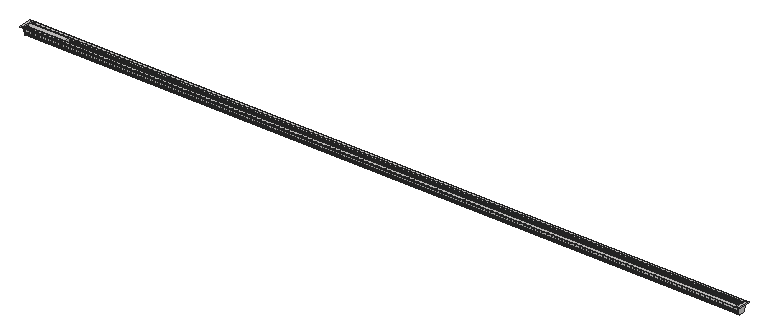
Revit family "Lighting - Luminii - Stenos - Recessed Track Master Assembly", category Lighting Fixtures, host Face, Revit 2020
Family settings
  Host = Face
  Round Connector Dimension = Use Diameter
  Part Type = Normal
  OmniClass Number = 23.80.70.11.14.21
  OmniClass Title = Spots and Tracklight Specialties
  Cut with Voids When Loaded = No
  Light Source = No
  Shared = Yes
  Room Calculation Point = No
Parameters (values of type "Stenos Recessed - 96"")
  Width = 121/128"  # constant formula
  Wattage Comments = "96 W Max per Track"  # constant formula
  Warranty URL = "https://www.luminii.com/terms-conditions/"
  Voltage Comments = "24 VDC"  # constant formula
  Voltage = 24 V  # constant formula
  Version = "2020 - v1.0a"  # constant formula
  URL = "https://www.luminii.com/"
  Support Phone = "224-699-9545"  # constant formula
  Support Email = "mailto:support@bimsmith.com"
  Right Corner Down [instance] = no
  Right Power Module = no
  Right Corner Up [instance] = no
  Right Cap [instance] = yes
  Product Page URL = "https://www.luminii.com/product/stenos-trimmed-recessed-track/"
  Product Name = "Stenos Recessed"  # constant formula
  Product Documentation Link = "https://www.luminii.com/wp-content/uploads/z_special_catalog_products/products/stenos-trimmed-recessed-track/specsheets/Stenos-Surface-Recessed-Trim-Track-specification.pdf"
  Power Source Type = "Driver"  # constant formula
  Power Factor = 1
  Phase = 1
  Number of Poles = if(and(or(Voltage = 120 V, Voltage = 277 V), Phase = 1), 1, if(and(or(Voltage = 208 V, Voltage = 240 V), Phase = 1), 2, if(and(or(Voltage = 208 V, Voltage = 240 V), Phase = 3), 3, if(and(Voltage > 300 V, Phase = 1), 2, if(and(Voltage > 400 V, Phase = 3), 3, 1)))))  # 1
  Model = "STR-96"
  Manufacturer Phone Number = "224-333-6033"  # constant formula
  Manufacturer Email = "mailto:info@luminii.com"
  Manufacturer Address = "7777 N Merrimac Ave, Niles, IL 60714"  # constant formula
  Manufacturer = "Luminii"  # constant formula
  Load Classification = Lighting
  Length = if(Constraints = 1, 48", if(Constraints = 2, 96", 144"))  # 96"
  Left Power Module [instance] = yes
  Left Corner Up [instance] = no
  Left Corner Down [instance] = no
  Left Cap [instance] = yes
  Lamp = "LED"  # constant formula
  Keynote = "26 50 00"
  Instruction Sheet Link = "https://www.luminii.com/wp-content/uploads/z_special_catalog_products/products/stenos-trimmed-recessed-track/install-guides/Stenos-Track-Recessed-instructions.pdf"
  Frequency Comments = ""  # constant formula
  Frequency = 60 Hz
  Finish = Metal - Luminii - Silver Anodized Aluminum
  Environment = "Indoor"  # constant formula
  Description = "Trim Track System"  # constant formula
  Depth = 1 5/64"  # constant formula
  Default Elevation = 0"  # constant formula
  Current Amps = 50 A
  Copyright = "©2023 Luminii"  # constant formula
  Constraints = 2
  built-in parameter 1114216 [instance] = 0  # (empty or 0)
  built-in parameter 1140040 [instance] = 1 = 1  # 1
  C Rigth Corner Up [instance] = if(Right Corner Up, 4 19/128", 2")  # 2"
  C Right Corner Down [instance] = if(Right Corner Down, 4 19/128", 2")  # 2"
  C Length Mid = Length / 2  # 48"
  C Left Corner Up [instance] = if(Left Corner Up, 4 19/128", 2")  # 2"
  C Left Corner Down [instance] = if(Left Corner Down, 4 19/128", 2")  # 2"
  C End Cap Right [instance] = if(Right Cap, 1" / 8, 0")  # 1/8"
  C End Cap Left [instance] = if(Left Cap, 1" / 8, 0")  # 1/8"
  Assembly Comments [instance] = "Only select either a cap or a corner, please dont select both options at the same time. Power module only when corner is not selected"  # constant formula
  Assembly Code = "D5020230"
  Apparent Load = 4 VA  # constant formula
Types (3): name | Model | Length | Constraints | C Length Mid
  Stenos Recessed - 48" | "STR-48" | 48" | 1 | 24"
  Stenos Recessed - 96" | "STR-96" | 96" | 2 | 48"
  Stenos Recessed - 144" | "STR-144" | 144" | 3 | 72"
Reference planes (in)
  plane 1 "Center (Front/Back)": y = 0
  plane 2: z = 0
  plane 3 "Center (Left/Right)": x = 0
  plane 4: x = -48
  plane 5: x = 48
  plane 6: y = 0.47266
  plane 7: y = -0.47266
  plane 8 "A": z = 0.115
  plane 9: x = -48.125
  plane 10: x = 48.125
  plane 11: z = 3.115
Forms (in)
  Extrusion 1, solid, material "Metal - Luminii - Silver Anodized Aluminum", not visible
    sketch origin (0, 0, 0) x (1, 0, 0) y (0, 1, 0)
      loop
        circle (0, 0) r 0.5
    from 0 to -0.17225
  Sweep 2, void
    path origin (0, 0, 0) x (1, 0, 0) y (0, 1, 0)
      loop
        line (48, 0) -> (-48, 0)
    profile origin (0, 0, 0) x (0, -1, 0) y (0, 0, 1)
      loop
        line (-0.4725, 0) -> (-0.4725, -1.032) -> (0.47266, -1.032) -> (0.47266, 0) -> (-0.4725, 0)
  Extrusion 3, void
    sketch origin (0, 0, 0) x (1, 0, 0) y (0, 1, 0)
      loop
        line (-48.5275, 0.47266) -> (-48.5275, 1) -> (-49.4725, 1) -> (-49.4725, -0.47266) -> (-48, -0.47266) -> (-48, 0.47266) -> (-48.5275, 0.47266)
    from 3.115 to 1.115
  Extrusion 4, void
    sketch origin (0, 0, 0) x (1, 0, 0) y (0, 1, 0)
      loop
        line (-48.5275, -0.47266) -> (-48, -0.47266) -> (-48, 0.47266) -> (-49.4725, 0.47266) -> (-49.4725, -1) -> (-48.5275, -1) -> (-48.5275, -0.47266)
    from 3.115 to 1.115
  Extrusion 5, void
    sketch origin (0, 0, 0) x (-1, 0, 0) y (0, -1, 0)
      loop
        line (-48.5275, -0.47266) -> (-48, -0.47266) -> (-48, 0.47266) -> (-49.4725, 0.47266) -> (-49.4725, -1) -> (-48.5275, -1) -> (-48.5275, -0.47266)
    from 3.115 to 1.115
  Extrusion 6, void
    sketch origin (0, 0, 0) x (-1, 0, 0) y (0, -1, 0)
      loop
        line (-48.5275, 0.47266) -> (-48.5275, 1) -> (-49.4725, 1) -> (-49.4725, -0.47266) -> (-48, -0.47266) -> (-48, 0.47266) -> (-48.5275, 0.47266)
    from 3.115 to 1.115
Dimensions and locks (in)
  equal spacing: plane 4, plane 3 "Center (Left/Right)", plane 5
  equal spacing: plane 6, plane 1 "Center (Front/Back)", plane 7
  "Width": plane 6 to plane 7
  "C End Cap Right": plane 5 to plane 10
  "C End Cap Left": plane 9 to plane 4
  "C Left Corner Down": plane 11 to Extrusion 4
  "C Left Corner Up": plane 11 to Extrusion 3
  "C Right Corner Down": plane 11 to Extrusion 6
  "C Rigth Corner Up": plane 11 to Extrusion 5
  Extrusion 3 sketch curve to Extrusion 3 sketch curve to plane 4 = 0.945" locked, 0.5275" locked
  Extrusion 4 sketch curve to Extrusion 4 sketch curve to plane 4 = 0.945" locked, 0.5275" locked
  locked: level to Sweep 2 sketch curve at 1.032
  "C Length Mid": plane 4 to plane 3 "Center (Left/Right)"
  "C Length Mid": plane 3 "Center (Left/Right)" to plane 5
  nested 1 to Extrusion 5 sketch curve to Extrusion 5 sketch curve = 0.5275" locked, 0.945" locked
  nested 1 to Extrusion 6 sketch curve to Extrusion 6 sketch curve = 0.5275" locked, 0.945" locked
  aligned and locked: host face to plane 2
  aligned and locked: plane 3 "Center (Left/Right)" to Extrusion 1 sketch curve
  aligned and locked: plane 1 "Center (Front/Back)" to Extrusion 1 sketch curve
  aligned and locked: plane 2 to Extrusion 1  (x2)
  aligned and locked: nested 1 to plane 4
  aligned and locked: plane 1 "Center (Front/Back)" to nested 1
  aligned and locked: plane 4 to nested 2
  aligned and locked: plane 1 "Center (Front/Back)" to nested 2
  aligned and locked: plane 5 to nested 3
  aligned and locked: plane 1 "Center (Front/Back)" to nested 3
  aligned and locked: nested 6 to plane 1 "Center (Front/Back)"
  aligned and locked: nested 7 to nested 6
  aligned and locked: plane 4 to nested 7
  aligned and locked: nested 6 to plane 4
  aligned and locked: nested 5 to plane 1 "Center (Front/Back)"
  aligned and locked: plane 1 "Center (Front/Back)" to nested 4
  aligned and locked: plane 11 to Extrusion 4
  aligned and locked: plane 11 to Extrusion 3
  aligned and locked: Extrusion 6 to plane 11
  aligned and locked: Extrusion 5 to plane 11
  aligned and locked: plane 4 to Extrusion 3 sketch curve
  aligned and locked: plane 6 to Extrusion 3 sketch curve
  aligned and locked: Extrusion 3 sketch curve to plane 7
  aligned and locked: Extrusion 4 sketch curve to plane 6
  aligned and locked: plane 7 to Extrusion 4 sketch curve
  aligned and locked: Extrusion 4 sketch curve to plane 4
  aligned and locked: plane 6 to Extrusion 5 sketch curve
  aligned and locked: Extrusion 5 sketch curve to plane 7
  aligned and locked: Extrusion 6 sketch curve to plane 6
  aligned and locked: plane 7 to Extrusion 6 sketch curve
  aligned and locked: Sweep 2 sketch curve to level
  aligned and locked: nested 5 to nested 1
  aligned and locked: nested 4 to nested 1
  aligned and locked: plane 4 to Sweep 2 sketch curve
  aligned and locked: nested 1 to Sweep 2 sketch curve
  aligned and locked: nested 1 to Extrusion 5 sketch curve
  aligned and locked: Extrusion 6 sketch curve to nested 1
Automatic sketch dimensions
  host sketch curve to host sketch curve = 193.24349"
  host sketch curve to host sketch curve = 99"
  profile plane to Sweep 2 sketch curve = 0.4725"
  Sweep 2 sketch curve to profile plane = 121/256"
  plane 6 to Extrusion 3 sketch curve = 135/256"
  plane 7 to Extrusion 4 sketch curve = 135/256"
  Extrusion 6 sketch curve to plane 7 = 135/256"
  plane 1 "Center (Front/Back)" to Sweep 2 sketch curve = 0"
  Extrusion 5 sketch curve to Extrusion 5 sketch curve = 135/256"
  radius of Extrusion 1 sketch curve = 1/2"
Nested families (in)
  nested 1: "Nested - Track" at (0, 0, 0.115), type "Nested - Track"
  nested 2: "Nested - Stopper" at (-45.35827, 0, 0.115), visible <- "Left Power Module", type "Nested - Stopper"
  nested 3: "Nested - Stopper" at (45.35827, 0, 0.115), visible <- "Right Power Module", type "Nested - Stopper"
  nested 4: "Nested - Corner" at (49, 0, 0.115), visible <- "Right Corner Up", type "Nested - Corner"
  nested 5: "Nested - Corner" at (49, 0, 0.115) x (0, 1, 0) z (0, 0, 1), visible <- "Right Corner Down", type "Nested - Corner"
  nested 6: "Nested - Corner" at (-49, 0, 0.115) x (-1, 0, 0) z (0, 0, 1), visible <- "Left Corner Down", type "Nested - Corner"
  nested 7: "Nested - Corner" at (-49, 0, 0.115) x (0, -1, 0) z (0, 0, 1), visible <- "Left Corner Up", type "Nested - Corner"
Connectors (in)
  electrical at (0, 0, 0), driven by "Number of Poles", driven by "Load Classification", driven by "Voltage", driven by "Apparent Load", driven by "Power Factor"
    settings: on Extrusion 1, index 1, voltage 24 V, apparent load 4 VA, apparent load phase1 0 VA, apparent load phase2 0 VA, apparent load phase3 0 VA, power factor 1, load classification "Lighting", number of poles 1, system type 30, power factor state 1, is connector primary yes, connector utility no, sub classification motor no, connector description "Power Connection"
Definition of nested family "Nested - Track"
  Parameters (values of type "Nested - Track")
    Right Cap = yes
    Length = 96"
    Left Cap = yes
    Finish = none
    Default Elevation = 48"
  Reference planes (in)
    plane 1 "Center (Front/Back)": y = 0
    plane 2: z = 0
    plane 3 "Center (Left/Right)": x = 0
    plane 4: x = -48
    plane 5: x = 48
    plane 6: x = 48.125
    plane 7: x = -48.125
  Forms (in)
    Extrusion 1, solid
      sketch origin (0, 0, 0) x (1, 0, 0) y (0, 1, 0)
        loop
          line (-48, 48) -> (-48, -48) -> (48, -48) -> (48, 48) -> (-48, 48)
      from 0 to -12
    Sweep 2, solid, material <- "Finish"
      path origin (0, 0, 0) x (1, 0, 0) y (0, 1, 0)
        loop
          line (-48, 0) -> (48, 0)
      profile origin (0, 0, 0) x (0, 1, 0) y (0, 0, 1)
        loop
          line (-0.39203, 0) -> (-0.7925, 0) -> (-0.7925, -0.115) -> (-0.7425, -0.115) -> (-0.7425, -0.065) -> (-0.4725, -0.065) -> (-0.4725, -0.70267) -> (-0.3834, -0.857)
          arc (-0.3834, -0.857) -> (-0.37341, -0.93288) -> (-0.42, -0.9936) r 0.1
          line (-0.42, -0.9936) -> (-0.42, -1.077) -> (-0.37325, -1.13271)
          arc (-0.37325, -1.13271) -> (-0.32909, -1.14454) -> (-0.30287, -1.1071) r 0.03985
          line (-0.30287, -1.1071) -> (-0.27851, -1.077) -> (-0.26003, -1.109)
          arc (-0.26003, -1.109) -> (-0.24675, -1.11667) -> (-0.23348, -1.109) r 0.01533
          line (-0.23348, -1.109) -> (-0.215, -1.077) -> (-0.215, -1.007) -> (-0.3, -1.007) -> (-0.3, -0.872) -> (0, -0.872) -> (0.3, -0.872) -> (0.3, -1.007) -> (0.215, -1.007) -> (0.215, -1.077) -> (0.23348, -1.109)
          arc (0.23348, -1.109) -> (0.24675, -1.11667) -> (0.26003, -1.109) r 0.01533
          line (0.26003, -1.109) -> (0.27851, -1.077) -> (0.30287, -1.1071)
          arc (0.30287, -1.1071) -> (0.32909, -1.14454) -> (0.37325, -1.13271) r 0.03985
          line (0.37325, -1.13271) -> (0.42, -1.077) -> (0.42, -0.9936)
          arc (0.42, -0.9936) -> (0.37341, -0.93288) -> (0.3834, -0.857) r 0.1
          line (0.3834, -0.857) -> (0.4725, -0.70267) -> (0.4725, -0.065) -> (0.7425, -0.065) -> (0.7425, -0.115) -> (0.7925, -0.115) -> (0.7925, 0) -> (0.39203, 0) -> (0.34295, -0.085) -> (0.4195, -0.085) -> (0.4195, -0.185) -> (0.3545, -0.185)
          arc (0.3545, -0.185) -> (0.36437, -0.24139) -> (0.36402, -0.29863) r 0.31937
          arc (0.36402, -0.29863) -> (0.34633, -0.34039) -> (0.35495, -0.38492) r 0.07777
          arc (0.35495, -0.38492) -> (0.36308, -0.4357) -> (0.3385, -0.48087) r 0.07971
          line (0.3385, -0.48087) -> (0.3385, -0.553) -> (0.3935, -0.553) -> (0.3935, -0.663) -> (0, -0.663) -> (-0.3935, -0.663) -> (-0.3935, -0.553) -> (-0.3385, -0.553) -> (-0.3385, -0.48087)
          arc (-0.3385, -0.48087) -> (-0.36308, -0.4357) -> (-0.35495, -0.38492) r 0.07971
          arc (-0.35495, -0.38492) -> (-0.34633, -0.34039) -> (-0.36402, -0.29863) r 0.07777
          arc (-0.36402, -0.29863) -> (-0.36437, -0.24139) -> (-0.3545, -0.185) r 0.31937
          line (-0.3545, -0.185) -> (-0.4195, -0.185) -> (-0.4195, -0.085) -> (-0.34295, -0.085) -> (-0.39203, 0)
    Sweep 3, solid, material <- "Finish", visible <- "Right Cap"
      path origin (28, 0, 0) x (1, 0, 0) y (0, 1, 0)
        loop
          line (20, 0) -> (20.125, 0)
      profile origin (48.0625, 0, 0) x (0, 1, 0) y (0, 0, 1)
        loop
          line (-0.4725, -0.115) -> (-0.4725, -0.703) -> (-0.43876, -0.76145)
          arc (-0.43876, -0.76145) -> (-0.42477, -0.79521) -> (-0.42, -0.83145) r 0.14
          line (-0.42, -0.83145) -> (-0.42, -1.077) -> (-0.36126, -1.147) -> (0.36126, -1.147) -> (0.42, -1.077) -> (0.42, -0.83145)
          arc (0.42, -0.83145) -> (0.42477, -0.79521) -> (0.43876, -0.76145) r 0.14
          line (0.43876, -0.76145) -> (0.4725, -0.703) -> (0.4725, -0.115) -> (0.7925, -0.115) -> (0.7925, 0) -> (-0.7925, 0) -> (-0.7925, -0.115) -> (-0.4725, -0.115)
    Extrusion 4, solid, material <- "Finish", visible <- "Right Cap"
      sketch origin (0, 0, 0) x (1, 0, 0) y (0, 1, 0)
        loop
          line (48.4, 0.7925) -> (48.125, 0.7925) -> (48.125, -0.7925) -> (48.4, -0.7925) -> (48.4, 0.7925)
      from 0 to -0.115
    Sweep 5, solid, material <- "Finish", visible <- "Left Cap"
      path origin (-28, 0, 0) x (-1, 0, 0) y (0, 1, 0)
        loop
          line (20, 0) -> (20.125, 0)
      profile origin (-48.0625, 0, 0) x (0, -1, 0) y (0, 0, 1)
        loop
          line (0.4725, -0.115) -> (0.7925, -0.115) -> (0.7925, 0) -> (-0.7925, 0) -> (-0.7925, -0.115) -> (-0.4725, -0.115) -> (-0.4725, -0.703) -> (-0.43876, -0.76145)
          arc (-0.43876, -0.76145) -> (-0.42477, -0.79521) -> (-0.42, -0.83145) r 0.14
          line (-0.42, -0.83145) -> (-0.42, -1.077) -> (-0.36126, -1.147) -> (0.36126, -1.147) -> (0.42, -1.077) -> (0.42, -0.83145)
          arc (0.42, -0.83145) -> (0.42477, -0.79521) -> (0.43876, -0.76145) r 0.14
          line (0.43876, -0.76145) -> (0.4725, -0.703) -> (0.4725, -0.115)
    Extrusion 6, solid, material <- "Finish", visible <- "Left Cap"
      sketch origin (0, 0, 0) x (-1, 0, 0) y (0, -1, 0)
        loop
          line (48.4, -0.7925) -> (48.4, 0.7925) -> (48.125, 0.7925) -> (48.125, -0.7925) -> (48.4, -0.7925)
      from 0 to -0.115
  Cuts and joins
    joined: Sweep 3, Extrusion 4
    joined: Sweep 5, Extrusion 6
  Dimensions and locks (in)
    equal spacing: plane 4, plane 3 "Center (Left/Right)", plane 5
    "Length": plane 4 to plane 5
    locked: plane 7 to plane 4 at 0.125
    locked: plane 5 to plane 6 at 0.125
    locked: plane 6 to cut or joined group of Sweep 3, Extrusion 4 at 0.275
    locked: Extrusion 6 to plane 7 at 0.275
    aligned and locked: plane 2 to Extrusion 1
    aligned and locked: level to Extrusion 1
    aligned and locked: plane 4 to Sweep 2 sketch curve
    aligned and locked: plane 1 "Center (Front/Back)" to Sweep 2 sketch curve
    aligned and locked: plane 5 to Sweep 2 sketch curve
    aligned and locked: plane 1 "Center (Front/Back)" to Sweep 3 sketch curve
    aligned and locked: plane 6 to Sweep 3 sketch curve
    aligned and locked: plane 5 to Sweep 3 sketch curve
    aligned and locked: plane 7 to Sweep 5 sketch curve
    aligned and locked: plane 4 to Sweep 5 sketch curve
    aligned and locked: Sweep 5 sketch curve to plane 1 "Center (Front/Back)"
    aligned and locked: Extrusion 6 to plane 7
    aligned and locked: cut or joined group of Sweep 3, Extrusion 4 to plane 6
  Automatic sketch dimensions
    Extrusion 1 sketch curve to Extrusion 1 sketch curve = 96"  (x2)
    Sweep 2 sketch curve to level = 0"  (x2)
    Sweep 2 sketch curve to profile plane = 0"  (x2)
    profile plane to Sweep 2 sketch curve = 0.04612"
    profile plane to Sweep 2 sketch curve = 0.215"
    Sweep 2 sketch curve to Sweep 2 sketch curve = 0.01848"  (x4)
    Sweep 2 sketch curve to Sweep 2 sketch curve = 0.01328"  (x4)
    Sweep 2 sketch curve to Sweep 2 sketch curve = 0.2384"  (x2)
    Sweep 2 sketch curve to Sweep 2 sketch curve = 0.085"  (x2)
    Sweep 2 sketch curve to Sweep 2 sketch curve = 0.02436"  (x2)
    Sweep 2 sketch curve to Sweep 2 sketch curve = 0.05398"  (x2)
    Sweep 2 sketch curve to Sweep 2 sketch curve = 0.03985"  (x2)
    Sweep 2 sketch curve to level = 0.085"  (x2)
    Sweep 2 sketch curve to Sweep 2 sketch curve = 0.05844"  (x2)
    Sweep 2 sketch curve to Sweep 2 sketch curve = 0.01155"  (x2)
    Sweep 2 sketch curve to Sweep 2 sketch curve = 0.03053"  (x2)
    Sweep 2 sketch curve to Sweep 2 sketch curve = 0.0834"  (x4)
    Sweep 2 sketch curve to Sweep 2 sketch curve = 0.04907"  (x2)
    Sweep 2 sketch curve to Sweep 2 sketch curve = 0.055"  (x2)
    Sweep 2 sketch curve to Sweep 2 sketch curve = 0.07655"
    Sweep 2 sketch curve to Sweep 2 sketch curve = 0.04675"  (x2)
    Sweep 2 sketch curve to Sweep 2 sketch curve = 0.08517"  (x2)
    Sweep 2 sketch curve to Sweep 2 sketch curve = 0.0866"  (x2)
    Sweep 2 sketch curve to Sweep 2 sketch curve = 0.079"
    Sweep 2 sketch curve to level = 0.065"  (x2)
    Sweep 2 sketch curve to Sweep 2 sketch curve = 0.27"  (x2)
    Sweep 2 sketch curve to Sweep 2 sketch curve = 0.05"  (x6)
    Sweep 2 sketch curve to profile plane = 0.04612"
    Sweep 2 sketch curve to profile plane = 0.215"
    Sweep 2 sketch curve to Sweep 2 sketch curve = 0.065"
    Sweep 2 sketch curve to Sweep 2 sketch curve = 0.053"
    Sweep 2 sketch curve to Sweep 2 sketch curve = 0.1"  (x2)
    Sweep 2 sketch curve to level = 0.26805"
    Sweep 2 sketch curve to Sweep 2 sketch curve = 0"  (x5)
    Sweep 2 sketch curve to Sweep 2 sketch curve = 0.16352"  (x2)
    Sweep 2 sketch curve to Sweep 2 sketch curve = 0.07371"  (x2)
    Sweep 2 sketch curve to Sweep 2 sketch curve = 0.05864"  (x2)
    Sweep 2 sketch curve to Sweep 2 sketch curve = 0.07213"  (x2)
    Sweep 2 sketch curve to Sweep 2 sketch curve = 0.11"
    Sweep 2 sketch curve to Sweep 2 sketch curve = 0.03967"  (x2)
    Sweep 2 sketch curve to Sweep 2 sketch curve = 0.15433"  (x2)
    Sweep 2 sketch curve to Sweep 2 sketch curve = 0.015"
    Sweep 2 sketch curve to Sweep 2 sketch curve = 0.0134"
    Sweep 2 sketch curve to Sweep 2 sketch curve = 0.135"
    Sweep 2 sketch curve to Sweep 2 sketch curve = 0.07"  (x2)
    Sweep 2 sketch curve to Sweep 2 sketch curve = 0.02433"  (x2)
    Sweep 2 sketch curve to Sweep 2 sketch curve = 0.0301"  (x2)
    Sweep 2 sketch curve to Sweep 2 sketch curve = 0.00767"  (x2)
    Sweep 3 sketch curve to level = 0"
    profile plane to Sweep 3 sketch curve = 0.7925"
    profile plane to Sweep 3 sketch curve = 0.56"
    Sweep 3 sketch curve to Sweep 3 sketch curve = 0.0875"
    Sweep 3 sketch curve to Sweep 3 sketch curve = 0.03374"  (x2)
    Sweep 3 sketch curve to Sweep 3 sketch curve = 0.01876"  (x2)
    Sweep 3 sketch curve to Sweep 3 sketch curve = 0.05874"  (x2)
    Sweep 3 sketch curve to profile plane = 0.36126"
    Sweep 3 sketch curve to Sweep 3 sketch curve = 0.14"
    Sweep 3 sketch curve to level = 0.115"  (x2)
    Sweep 3 sketch curve to Sweep 3 sketch curve = 0.32"
    Sweep 3 sketch curve to Sweep 3 sketch curve = 0.588"  (x2)
    Sweep 3 sketch curve to Sweep 3 sketch curve = 0.05845"  (x2)
    Sweep 3 sketch curve to Sweep 3 sketch curve = 0.24555"  (x2)
    Sweep 3 sketch curve to Sweep 3 sketch curve = 0.07"
    plane 6 to Extrusion 4 sketch curve = 0"
    Extrusion 4 sketch curve to Extrusion 4 sketch curve = 0.275"
    plane 1 "Center (Front/Back)" to Extrusion 4 sketch curve = 0.7925"
    Extrusion 4 sketch curve to plane 1 "Center (Front/Back)" = 0.7925"
    Sweep 5 sketch curve to level = 0"
    profile plane to Sweep 5 sketch curve = 0.7925"
    profile plane to Sweep 5 sketch curve = 0.56"
    Sweep 5 sketch curve to level = 0.115"  (x2)
    Sweep 5 sketch curve to Sweep 5 sketch curve = 0.32"  (x2)
    Sweep 5 sketch curve to Sweep 5 sketch curve = 0.03374"  (x2)
    Sweep 5 sketch curve to Sweep 5 sketch curve = 0.14"
    Sweep 5 sketch curve to Sweep 5 sketch curve = 0.05874"  (x2)
    Sweep 5 sketch curve to profile plane = 0.36126"
    Sweep 5 sketch curve to Sweep 5 sketch curve = 0.01876"
    Sweep 5 sketch curve to Sweep 5 sketch curve = 0.12124"
    Sweep 5 sketch curve to Sweep 5 sketch curve = 0.588"  (x2)
    Sweep 5 sketch curve to Sweep 5 sketch curve = 0.05845"  (x2)
    Sweep 5 sketch curve to Sweep 5 sketch curve = 0.24555"  (x2)
    Sweep 5 sketch curve to Sweep 5 sketch curve = 0.07"
    Extrusion 6 sketch curve to plane 7 = 0"
    Extrusion 6 sketch curve to Extrusion 6 sketch curve = 0.275"
    Extrusion 6 sketch curve to plane 1 "Center (Front/Back)" = 0.7925"
    plane 1 "Center (Front/Back)" to Extrusion 6 sketch curve = 0.7925"
Definition of nested family "Nested - Stopper"
  Parameters (values of type "Nested - Stopper")
    Length = 5.28346"
    Finish = none
    Default Elevation = 48"
  Reference planes (in)
    plane 1 "Center (Front/Back)": y = 0
    plane 2: z = 0
    plane 3 "Center (Left/Right)": x = 0
    plane 4: x = -2.64173
    plane 5: x = 2.64173
  Forms (in)
    Extrusion 1, solid
      sketch origin (0, 0, 0) x (1, 0, 0) y (0, 1, 0)
        loop
          line (-48, 48) -> (-48, -48) -> (48, -48) -> (48, 48) -> (-48, 48)
      from 0 to -12
    Sweep 2, solid, material <- "Finish"
      path origin (0, 0, 0) x (1, 0, 0) y (0, 1, 0)
        loop
          line (-2.64173, 0) -> (2.64173, 0)
      profile origin (0, 0, 0) x (0, 1, 0) y (0, 0, 1)
        loop
          line (0.35827, -0.00355) -> (-0.35827, -0.00355) -> (-0.35827, -0.04292) -> (-0.33522, -0.06597) -> (-0.3248, -0.663) -> (0.3248, -0.663) -> (0.33522, -0.06597) -> (0.35827, -0.04292) -> (0.35827, -0.00355)
  Dimensions and locks (in)
    equal spacing: plane 4, plane 3 "Center (Left/Right)", plane 5
    "Length": plane 4 to plane 5
    aligned and locked: plane 2 to Extrusion 1
    aligned and locked: level to Extrusion 1
    aligned and locked: plane 5 to Sweep 2 sketch curve
    aligned and locked: plane 4 to Sweep 2 sketch curve
    aligned and locked: plane 1 "Center (Front/Back)" to Sweep 2 sketch curve
  Automatic sketch dimensions
    Extrusion 1 sketch curve to Extrusion 1 sketch curve = 96"  (x2)
    Sweep 2 sketch curve to level = 0.00355"
    profile plane to Sweep 2 sketch curve = 0.35827"
    Sweep 2 sketch curve to level = 0.06597"  (x2)
    Sweep 2 sketch curve to Sweep 2 sketch curve = 0.02305"  (x3)
    profile plane to Sweep 2 sketch curve = 0.3248"
    Sweep 2 sketch curve to profile plane = 0.3248"
    Sweep 2 sketch curve to profile plane = 0.33522"
    Sweep 2 sketch curve to level = 0.04292"
    Sweep 2 sketch curve to Sweep 2 sketch curve = 0.59703"
Definition of nested family "Nested - Corner"
  Parameters
    Length = 28"
    Finish = none
    Default Elevation = 48"
  Reference planes (in)
    plane 1 "Center (Front/Back)": y = 0
    plane 2: z = 0
    plane 3 "Center (Left/Right)": x = 0
    plane 4: x = -14
    plane 5: x = 14
  Forms (in)
    Extrusion 1, solid
      sketch origin (0, 0, 0) x (1, 0, 0) y (0, 1, 0)
        loop
          line (-48, 48) -> (-48, -48) -> (48, -48) -> (48, 48) -> (-48, 48)
      from 0 to -12
    Sweep 2, solid, material <- "Finish"
      path origin (0, 0, 0) x (1, 0, 0) y (0, 1, 0)
        loop
          line (-1, 0) -> (0, 0) -> (0, 1)
      profile origin (-0.5, 0, 0) x (0, 1, 0) y (0, 0, 1)
        loop
          line (0, -0.663) -> (-0.3545, -0.663) -> (-0.3545, -0.065) -> (-0.39203, 0) -> (-0.7925, 0) -> (-0.7925, -0.115) -> (-0.4725, -0.115) -> (-0.4725, -1.077) -> (-0.3925, -1.077) -> (-0.3925, -0.891) -> (0, -0.891) -> (0.3925, -0.891) -> (0.3925, -1.077) -> (0.4725, -1.077) -> (0.4725, -0.115) -> (0.7925, -0.115) -> (0.7925, 0) -> (0.39203, 0) -> (0.3545, -0.065) -> (0.3545, -0.663) -> (0, -0.663)
    Sweep 3, solid, material <- "Finish"
      path origin (0, 0, 0) x (1, 0, 0) y (0, 1, 0)
        loop
          line (-3.09843, 0) -> (0, 0) -> (0, 3.09843)
      profile origin (-1.54921, 0, 0) x (0, 1, 0) y (0, 0, 1)
        loop
          line (0.35827, -0.00355) -> (-0.35827, -0.00355) -> (-0.35827, -0.04292) -> (-0.33522, -0.06597) -> (-0.32504, -0.64922) -> (0.32504, -0.64922) -> (0.33522, -0.06597) -> (0.35827, -0.04292) -> (0.35827, -0.00355)
    Sweep 4, solid, material <- "Finish"
      path origin (0, 0, 0) x (1, 0, 0) y (0, 1, 0)
        loop
          line (-2.125, 0) -> (0, 0) -> (0, 2.125)
      profile origin (-1.0625, 0, 0) x (0, 1, 0) y (0, 0, 1)
        loop
          line (-0.3825, -1.00911) -> (0.3825, -1.00911) -> (0.3825, -0.891) -> (-0.3825, -0.891) -> (-0.3825, -1.00911)
  Dimensions and locks (in)
    equal spacing: plane 4, plane 3 "Center (Left/Right)", plane 5
    "Length": plane 4 to plane 5
    aligned and locked: plane 2 to Extrusion 1
    aligned and locked: level to Extrusion 1
    aligned and locked: plane 1 "Center (Front/Back)" to Sweep 2 sketch curve
  Automatic sketch dimensions
    Extrusion 1 sketch curve to Extrusion 1 sketch curve = 96"  (x2)
    Sweep 2 sketch curve to plane 3 "Center (Left/Right)" = 0"
    Sweep 2 sketch curve to Sweep 2 sketch curve = 1"  (x2)
    plane 1 "Center (Front/Back)" to Sweep 3 sketch curve = 0"
    Sweep 3 sketch curve to plane 3 "Center (Left/Right)" = 0"
    Sweep 3 sketch curve to plane 3 "Center (Left/Right)" = 3.09843"
    Sweep 3 sketch curve to Sweep 3 sketch curve = 3.09843"
    plane 1 "Center (Front/Back)" to Sweep 4 sketch curve = 0"
    Sweep 4 sketch curve to plane 3 "Center (Left/Right)" = 0"
    Sweep 4 sketch curve to plane 3 "Center (Left/Right)" = 2 1/8"
    Sweep 4 sketch curve to Sweep 4 sketch curve = 2 1/8"
    Sweep 2 sketch curve to level = 0"  (x2)
    Sweep 2 sketch curve to profile plane = 0"  (x2)
    profile plane to Sweep 2 sketch curve = 0.3545"
    Sweep 2 sketch curve to Sweep 2 sketch curve = 0.03753"  (x2)
    Sweep 2 sketch curve to Sweep 2 sketch curve = 0.038"
    Sweep 2 sketch curve to Sweep 2 sketch curve = 0.08047"
    Sweep 2 sketch curve to level = 0.065"  (x2)
    Sweep 2 sketch curve to profile plane = 0.3545"
    Sweep 2 sketch curve to Sweep 2 sketch curve = 0.08"
    Sweep 2 sketch curve to level = 0.663"
    Sweep 2 sketch curve to Sweep 2 sketch curve = 0.228"
    Sweep 2 sketch curve to Sweep 2 sketch curve = 0.186"  (x2)
    Sweep 2 sketch curve to Sweep 2 sketch curve = 0.32"  (x2)
    Sweep 2 sketch curve to profile plane = 0.3925"
    Sweep 2 sketch curve to level = 0.115"  (x2)
    profile plane to Sweep 4 sketch curve = 0.3825"
    Sweep 4 sketch curve to profile plane = 0.3825"
    Sweep 4 sketch curve to level = 1.00911"
    Sweep 4 sketch curve to Sweep 4 sketch curve = 0.11811"
    Sweep 3 sketch curve to level = 0.00355"
    profile plane to Sweep 3 sketch curve = 0.35827"
    Sweep 3 sketch curve to level = 0.06597"  (x2)
    Sweep 3 sketch curve to Sweep 3 sketch curve = 0.02305"  (x3)
    profile plane to Sweep 3 sketch curve = 0.32504"
    Sweep 3 sketch curve to profile plane = 0.32504"
    Sweep 3 sketch curve to profile plane = 0.33522"
    Sweep 3 sketch curve to level = 0.04292"
    Sweep 3 sketch curve to Sweep 3 sketch curve = 0.58325"
